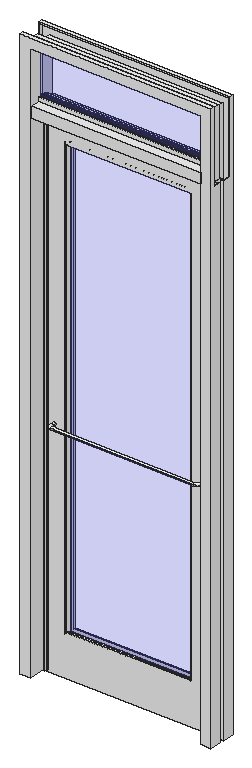
Revit family "Kawneer-350HW_HeavyWall-Sgl_Tran-Fr_14in", category Doors, host Wall, Revit 2015
Parameters
  Water - Static (ASTM E 331) = "product not tested"
  URL = "http://www.kawneer.com/kawneer/north_america/en/product.asp?prod_id=1817"
  Type of Glazing = "monolithic, insulating"
  Type Comments = "Medium Stile Heavy Wall Swing Door"
  Thermal Transmittance = "n/a"
  Sub Category3 = ""
  Sub Category2 = ""
  Sub Category1 = ""
  Sightline = Height - Door Panel Height  # 12"
  Short Description = "Medium Stile Heavy Wall Swing Door"
  Product data url = "https://bimobject.com/kawneerna/product/20611"
  Panel Inserts Material = Glass
  Overall U-Factor = "product not tested"
  Model = "350 Heavy Wall™ Entrances"
  Manufacturer Part Number = "350 Heavy Wall™ Entrances"
  Manufacturer = "Kawneer"
  Keywords = "Entrance, Door, Swing Door, Heavy Wall"
  Hurricane Resistant Tested [instance] = "product not tested"
  Hinging Types = "Offset Pivot, Butt Hinge, Continuous Gear Hinge"
  Height = 96"
  Wall Closure = By host
  Width = 32"
  Glazing Thickness = 0"
  Glass U-Factor = "product not tested"
  Glass Installtion = "outside, inside"
  Glass Capture = "Captured"
  Function (Interior or Exterior) = "Exterior"
  Function = Interior
  Door Panel Width = Width - (1 3/4" * 2)  # 28 1/2"
  Door Panel Material = Aluminum - ASTM B 221 - 6063-T6 alloy and temper
  Door Panel Height = 84"
  Door Opening = Door Panel Width  # 28 1/2"
  Door Handle Height = 37 123/256"
  Door Handle Material = Aluminum - ASTM B 221 - 6063-T6 alloy and temper
  Door Corner Construction = "Welded"
  Design Pressure = "n/a"
  Design Load = "n/a"
  Description = "The \"350 Heavy Wall\" medium stile heavy duty door with increased wall thickness to provide greater durability in heavy traffic areas."
  Depth = 1 3/4"
  Color = "any"
  Cladding Type = "n/a"
  CSI Masterformat Code = "08 41 13"
  Assembly Code = "B2030110"
  Application = "high traffic"
  Air Infiltration (ASTM E 283) = "< 0.50 cfm/ft2  @ 6.24 psf (300 Pa), Single Doors,"
  2-Color Option = "no"
Reference planes
  plane 1 "Centre Wall": y = 0
  plane 2 "Center (Left/Right)": x = 0
  plane 3 "Left": x = -406.4
  plane 4 "Right": x = 406.4
  plane 5: z = 2438.4
  plane 6 "Exterior": y = 75
  plane 7 "Interior": y = -75
  plane 8: x = -361.9
  plane 9: x = 361.9
  plane 10: z = 2133.6
Forms (mm)
  Sweep 1, solid, material "Aluminum - ASTM B 221 - 6063-T6 alloy and temper" <- "Door Panel Material"
    path origin (0, 0, 0) x (1, 0, 0) y (0, 0, 1)
      loop
        line (406.4, 2133.6) -> (406.4, 0)
    profile "TF450Frame : TF450Frame" origin (406.4, 0, 1066.8) x (1, 0, 0) y (0, -1, 0)
      loop
        line (-54.5, -13.375) -> (-44.5, -13.375) -> (-44.5, -57.175) -> (0, -57.175) -> (0, -12.125) -> (-17.25, -12.125) -> (-17.25, 12.125) -> (0, 12.125) -> (0, 57.125) -> (-44.5, 57.125) -> (-44.5, -8.375) -> (-54.5, -8.375) -> (-54.5, -13.375)
      loop
        line (-5, -17.125) -> (-22.25, -17.125) -> (-22.25, 17.125) -> (-5, 17.125) -> (-5, 52.125) -> (-39.5, 52.125) -> (-39.5, -52.175) -> (-5, -52.175) -> (-5, -17.125)
  Sweep 2, solid, material "Aluminum - ASTM B 221 - 6063-T6 alloy and temper" <- "Door Panel Material"
    path origin (0, 0, 0) x (1, 0, 0) y (0, 0, 1)
      loop
        line (-406.4, 2133.6) -> (-406.4, 0)
    profile "TF450Frame : TF450Frame" origin (-406.4, 0, 1066.8) x (1, 0, 0) y (0, -1, 0)
      loop
        line (54.5, -13.375) -> (54.5, -8.375) -> (44.5, -8.375) -> (44.5, 57.125) -> (0, 57.125) -> (0, 12.125) -> (17.25, 12.125) -> (17.25, -12.125) -> (0, -12.125) -> (0, -57.175) -> (44.5, -57.175) -> (44.5, -13.375) -> (54.5, -13.375)
      loop
        line (5, -17.125) -> (5, -52.175) -> (39.5, -52.175) -> (39.5, 52.125) -> (5, 52.125) -> (5, 17.125) -> (22.25, 17.125) -> (22.25, -17.125) -> (5, -17.125)
  Sweep 3, solid, material "Aluminum - ASTM B 221 - 6063-T6 alloy and temper" <- "Door Panel Material"
    path origin (0, 0, 0) x (1, 0, 0) y (0, 0, 1)
      loop
        line (406.4, 2133.6) -> (406.4, 2438.4) -> (-406.4, 2438.4) -> (-406.4, 2133.6)
    profile "TF450TPFrame : TF450TPFrame" origin (0, 0, 2438.4) x (0, 0, -1) y (0, -1, 0)
      loop
        line (39.5, 11) -> (22.25, 11) -> (22.25, -11) -> (39.5, -11) -> (39.5, -52.175) -> (5, -52.175) -> (5, -42.175) -> (0, -42.175) -> (0, -57.175) -> (44.5, -57.175) -> (44.5, -6) -> (27.25, -6) -> (27.25, 6) -> (44.5, 6) -> (44.5, 57.125) -> (0, 57.125) -> (0, 42.125) -> (5, 42.125) -> (5, 52.125) -> (39.5, 52.125) -> (39.5, 11)
  Sweep 4, solid, material "Aluminum - ASTM B 221 - 6063-T6 alloy and temper" <- "Door Panel Material"
    path origin (0, 0, 0) x (1, 0, 0) y (0, 0, 1)
      loop
        line (361.9, 2133.6) -> (-361.9, 2133.6)
    profile "TF450midFrame : TF450midFrame" origin (0, 0, 2133.6) x (0, 0, -1) y (0, -1, 0)
      loop
        line (-39.45, 52.15) -> (-39.45, -52.15) -> (-4.95, -52.15) -> (-4.95, 52.15) -> (-39.45, 52.15)
      loop
        arc (-57.491, -8.796) -> (-59.192, -11.787) -> (-62.423, -12.971) r 5
        line (-62.423, -12.971) -> (-62.423, -14.55) -> (-44.45, -14.55) -> (-44.45, -5.272)
        arc (-44.45, -5.272) -> (-50.757, -7.826) -> (-57.491, -8.796) r 28.226
      loop
        arc (-62.423, 10.971) -> (-59.423, 7.971) -> (-62.423, 4.971) r 3
        line (-62.423, 4.971) -> (-62.423, 3)
        arc (-62.423, 3) -> (-59.206, 4.043) -> (-57.231, 6.788) r 5.429
        arc (-57.231, 6.788) -> (-50.593, 5.7) -> (-44.45, 2.959) r 26.226
        line (-44.45, 2.959) -> (-44.45, -2.959)
        arc (-44.45, -2.959) -> (-50.593, -5.7) -> (-57.231, -6.788) r 26.226
        arc (-57.231, -6.788) -> (-59.206, -4.043) -> (-62.423, -3) r 5.429
        line (-62.423, -3) -> (-62.423, -4.971)
        arc (-62.423, -4.971) -> (-59.423, -7.971) -> (-62.423, -10.971) r 3
        line (-62.423, -10.971) -> (-64.423, -10.971) -> (-64.423, -17.05) -> (-44.45, -17.05) -> (-44.45, -57.15) -> (0.05, -57.15) -> (0.05, -13.35) -> (10.05, -13.35) -> (10.05, -8.35) -> (0.05, -8.35) -> (0.05, 57.15) -> (-44.45, 57.15) -> (-44.45, 17.05) -> (-64.423, 17.05) -> (-64.423, 10.971) -> (-62.423, 10.971)
      loop
        arc (-62.423, 12.971) -> (-59.192, 11.787) -> (-57.491, 8.796) r 5
        arc (-57.491, 8.796) -> (-50.757, 7.826) -> (-44.45, 5.272) r 28.226
        line (-44.45, 5.272) -> (-44.45, 14.55) -> (-62.423, 14.55) -> (-62.423, 12.971)
  Extrusion 5, solid, material "Glass" <- "Panel Inserts Material"
    sketch origin (0, 0, 0) x (0, 1, 0) y (0, 0, 1)
      loop
        line (-6, 2411.15) -> (-6, 2178.05) -> (6, 2178.05) -> (6, 2411.15) -> (-6, 2411.15)
    from -361.9 to 361.9
Cuts and joins
  joined: Sweep 1, Sweep 2, Sweep 3
Lines and regions (mm)
  Opening 1
    outline origin (-3050, -75, 0) x (1, 0, 0) y (0, 0, 1)
      loop
        line (2643.6, 0) -> (3456.4, 0) -> (3456.4, 2438.4) -> (2643.6, 2438.4) -> (2643.6, 0)
  symbolic lines
    curve 1: line (-361.9, 781.075, 0) -> (-317.45, 781.075, 0)
    curve 2: line (-361.9, 57.175, 0) -> (-361.9, 781.075, 0)
    curve 3: line (-317.45, 781.075, 0) -> (-317.45, 57.175, 0)
    curve 4: arc (-317.45, 781.075, 0) -> (168.076, 556, 0) -> (361.9, 57.175, 0) r 715.919
Text (mm)
  text "Exterior" at (-2295.016, 1099.543, 0), in view "Ref. Level"
  text "Exterior" at (0, 1615.38, 3698.081), in view "Left"
  text "Exterior" at (0, 1036.032, 3874.932), in view "Right"
Dimensions and locks
  equal spacing: plane 3 "Left", plane 2 "Center (Left/Right)", plane 4 "Right"
  "Width": plane 3 "Left" to plane 4 "Right"
  "Height": plane 5 to host wall
  host wall to plane 5 = 96"  (x2)
  locked: plane 6 "Exterior" to host wall at 0
  locked: plane 7 "Interior" to host wall
  locked: plane 3 "Left" to plane 8 at 44.5
  locked: plane 9 to plane 4 "Right" at 44.5
  "Door Panel Height": level to plane 10
  "Depth": curve 2 to curve 3
  "Door Panel Width": cut or joined group of Sweep 1, Sweep 2, Sweep 3 to curve 1
  aligned and locked: plane 3 "Left" to Opening 1 sketch curve
  aligned and locked: plane 5 to Opening 1 sketch curve  (x2)
  aligned and locked: Opening 1 sketch curve to plane 4 "Right"
  aligned and locked: Opening 1 sketch curve to level
  aligned and locked: plane 1 "Centre Wall" to host wall
  aligned and locked: plane 4 "Right" to Sweep 1 sketch curve
  aligned and locked: level to Sweep 1 sketch curve
  aligned and locked: plane 3 "Left" to Sweep 2 sketch curve
  aligned and locked: level to Sweep 2 sketch curve
  aligned and locked: nested 1 to plane 2 "Center (Left/Right)"
  aligned and locked: Sweep 4 sketch curve to plane 10
  aligned and locked: plane 10 to Sweep 1 sketch curve
  aligned and locked: plane 10 to Sweep 2 sketch curve
  aligned and locked: Sweep 3 sketch curve to plane 4 "Right"
  aligned and locked: Sweep 3 sketch curve to plane 3 "Left"
  aligned and locked: plane 10 to Sweep 3 sketch curve  (x2)
  aligned and locked: plane 9 to Sweep 4 sketch curve
  aligned and locked: plane 8 to Sweep 4 sketch curve
  aligned and locked: Extrusion 5 sketch curve to Sweep 3  (x2)
  aligned and locked: Sweep 3 to Extrusion 5 sketch curve
  aligned and locked: Extrusion 5 sketch curve to Sweep 4
  aligned and locked: Extrusion 5 to plane 8
  aligned and locked: Extrusion 5 to plane 9
  aligned and locked: nested 1 to cut or joined group of Sweep 1, Sweep 2, Sweep 3
  aligned and locked: cut or joined group of Sweep 1, Sweep 2, Sweep 3 to curve 2
  aligned and locked: cut or joined group of Sweep 1, Sweep 2, Sweep 3 to curve 3
  aligned and locked: curve 1 to curve 4
  aligned and locked: plane 9 to curve 4
Automatic sketch dimensions
  plane 5 to Sweep 3 sketch curve = 0"
  curve 2 to plane 8 = 0"
  plane 8 to curve 4 = 0.31245"
  curve 4 to host wall = 0.70177"
Nested families
  nested 1: "Kawneer-350IR_Impact-Sgl" at (-310.356, 2.117, 0) x (-1, 0, 0) z (0, 0, 1), type "Kawneer-350IR_Impact-Sgl"
    with Width 28 1/2", Door Hangle Width 25", Door Hangle Height 37 123/256"
Definition of nested family "Kawneer-350IR_Impact-Sgl"
  Parameters
    Width = 32"
    Water - static (ASTM E 331) = ""
    URL = "ttp://www.kawneer.com/kawneer/north_america/en/product.asp?prod_id=1823"
    Type of Glazing = "monolithic, insulating"
    Type Comments = "Medium Stile Impact Resistent Swing Door"
    Thermal transmittance = "n/a"
    Sub Category3 = ""
    Sub Category2 = ""
    Sub Category1 = ""
    Short Description = "Medium Stile Impact Resistent Swing Door"
    Performance standards = "ASTM E 330\r\nASTM E 1886-97\r\nDCBCCO PA 201-94\r\nDCBCCO PA 202-94\r\nDCBCCO PA 203-94\r\nSBCCI SSTD 12-99\r\nKawneer Dual Moment Corner"
    Panel Inserts Material = none
    Overall U-Factor = "product not tested"
    Model = "350 IR Entrance"
    Mfr Part Num = "350 IR Entrance"
    Manufacturer = "Kawneer"
    Keywords = "Entrance, Door, Swing Door, Impact Resistent, Hurricane Resistent"
    Hurricane Resistant Tested = "Large missile"
    Hinging Types = "Offset Pivot, Butt Hinge, Continuous Gear Hinge"
    Height = 84"
    Glass capture = "Captured"
    Glass U-Factor = "product not tested"
    Glass Installtion = "outside"
    Function (Interior or Exterior) = "Exterior"
    Door Panel Material = none
    Door Hangle Width = Width - 3 1/2"  # 28 1/2"
    Door Hangle Material = none
    Door Hangle Height = 37"
    Door Corner Construction = "Welded"
    Design load = "97.5 psf (4668 Pa)  - 9/16\" laminate"
    Design Pressure = "65 psf (3112 Pa)  - 9/16\" laminate"
    Description = "The \"350IR\" medium stile heavy duty entrance offers a rugged appearance, features dual moment corner construction and designed to meet the code requirements of windborne debris protection."
    Depth = 1 3/4"
    Construction Type = "Welded"
    Color = "any"
    Cladding Type = "n/a"
    CSI Mastformat Code = "08 41 13"
    Assembly Code = "B2030110"
    Application = "moderate traffic,high traffic"
    Air Infiltration (ASTM E 283) = "< 1.20 cfm/ft2  @ 1.57 psf (300 Pa), Pairs of Doors"
    2-Color Option = "no"
  Reference planes
    plane 1 "Center (Front/Back)": y = -33.483
    plane 2: z = 0
    plane 3 "Center (Left/Right)": x = -310.356
    plane 4: x = -716.756
    plane 5: x = 96.044
    plane 6: y = -11.258
    plane 7: y = -55.708
    plane 8: z = 2133.6
    plane 9: z = 939.8
    plane 10: x = -627.456
    plane 11: x = 6.744
    plane 12: x = 19.244
    plane 13: x = -639.956
    plane 14: z = 2056.8
    plane 15: z = 153
    plane 16: x = -672.106
  Forms (mm)
    Sweep 1, solid
      path origin (0, -33.483, 0) x (1, 0, 0) y (0, 0, 1)
        loop
          line (-716.756, 2133.6) -> (-716.756, 0)
      profile "IR2 : IR2" origin (-716.756, -33.483, 1066.8) x (1, 0, 0) y (0, -1, 0)
        loop
          line (79.3, 6.9) -> (71.8, 6.9) -> (71.8, 16.9) -> (15, 16.9) -> (15, 9) -> (17.5, 6.5) -> (17.5, -6.5) -> (15, -9) -> (15, -16.9) -> (71.8, -16.9) -> (71.8, -6.9) -> (79.3, -6.9) -> (79.3, 6.9)
        loop
          line (84.3, 11.9) -> (76.8, 11.9) -> (76.8, 16.9) -> (89.3, 16.9) -> (89.3, 21.9) -> (0, 21.9) -> (0, 16.9) -> (10, 16.9) -> (10, -16.9) -> (0, -16.9) -> (0, -21.9) -> (89.3, -21.9) -> (89.3, -16.9) -> (76.8, -16.9) -> (76.8, -11.9) -> (84.3, -11.9) -> (84.3, 11.9)
    Sweep 2, solid
      path origin (0, -33.483, 0) x (1, 0, 0) y (0, 0, 1)
        loop
          line (96.044, 2133.6) -> (96.044, 0)
      profile "IR2 : IR2" origin (96.044, -33.483, 1066.8) x (1, 0, 0) y (0, -1, 0)
        loop
          line (-79.3, -6.9) -> (-71.8, -6.9) -> (-71.8, -16.9) -> (-15, -16.9) -> (-15, -9) -> (-17.5, -6.5) -> (-17.5, 6.5) -> (-15, 9) -> (-15, 16.9) -> (-71.8, 16.9) -> (-71.8, 6.9) -> (-79.3, 6.9) -> (-79.3, -6.9)
        loop
          line (-84.3, -11.9) -> (-76.8, -11.9) -> (-76.8, -16.9) -> (-89.3, -16.9) -> (-89.3, -21.9) -> (0, -21.9) -> (0, -16.9) -> (-10, -16.9) -> (-10, 16.9) -> (0, 16.9) -> (0, 21.9) -> (-89.3, 21.9) -> (-89.3, 16.9) -> (-76.8, 16.9) -> (-76.8, 11.9) -> (-84.3, 11.9) -> (-84.3, -11.9)
    Sweep 3, solid
      path origin (0, -33.483, 0) x (1, 0, 0) y (0, 0, 1)
        loop
          line (-627.456, 0) -> (6.744, 0)
      profile "IR3 : IR3" origin (-310.356, -33.483, 0) x (0, 0, 1) y (0, -1, 0)
        loop
          line (155.5, 6.9) -> (148, 6.9) -> (148, 16.9) -> (15, 16.9) -> (15, 9) -> (17.5, 6.5) -> (17.5, -6.5) -> (15, -9) -> (15, -16.9) -> (148, -16.9) -> (148, -6.9) -> (155.5, -6.9) -> (155.5, 6.9)
        loop
          line (160.5, 11.9) -> (153, 11.9) -> (153, 16.9) -> (165.5, 16.9) -> (165.5, 21.9) -> (0, 21.9) -> (0, 16.9) -> (10, 16.9) -> (10, -16.9) -> (0, -16.9) -> (0, -21.9) -> (165.5, -21.9) -> (165.5, -16.9) -> (153, -16.9) -> (153, -11.9) -> (160.5, -11.9) -> (160.5, 11.9)
    Sweep 4, solid
      path origin (0, -33.483, 0) x (1, 0, 0) y (0, 0, 1)
        loop
          line (-627.456, 2133.6) -> (6.744, 2133.6)
      profile "IR2 : IR2" origin (-310.356, -33.483, 2133.6) x (0, 0, 1) y (0, -1, 0)
        loop
          line (-79.3, -6.9) -> (-71.8, -6.9) -> (-71.8, -16.9) -> (-15, -16.9) -> (-15, -9) -> (-17.5, -6.5) -> (-17.5, 6.5) -> (-15, 9) -> (-15, 16.9) -> (-71.8, 16.9) -> (-71.8, 6.9) -> (-79.3, 6.9) -> (-79.3, -6.9)
        loop
          line (-84.3, -11.9) -> (-76.8, -11.9) -> (-76.8, -16.9) -> (-89.3, -16.9) -> (-89.3, -21.9) -> (0, -21.9) -> (0, -16.9) -> (-10, -16.9) -> (-10, 16.9) -> (0, 16.9) -> (0, 21.9) -> (-89.3, 21.9) -> (-89.3, 16.9) -> (-76.8, 16.9) -> (-76.8, 11.9) -> (-84.3, 11.9) -> (-84.3, -11.9)
    Sweep 5, solid
      path origin (0, -33.483, 0) x (1, 0, 0) y (0, 0, 1)
        loop
          line (19.244, 2056.8) -> (-639.956, 2056.8) -> (-639.956, 153) -> (19.244, 153) -> (19.244, 2056.8)
      profile "IRCLADB : IRCLADB" origin (-310.356, -33.483, 2056.8) x (0, 0, -1) y (0, -1, 0)
        loop
          line (9, -6.9) -> (9, 12.9) -> (21.5, 12.9) -> (21.5, 20.9) -> (11.5, 20.9) -> (11.5, 16.9) -> (0, 16.9) -> (0, 11.9) -> (6.5, 11.9) -> (6.5, -11.9) -> (7.5, -11.9) -> (9, -6.9)
    Sweep 6, solid
      path origin (0, -33.483, 0) x (1, 0, 0) y (0, 0, 1)
        loop
          line (19.244, 2056.8) -> (-639.956, 2056.8) -> (-639.956, 153) -> (19.244, 153) -> (19.244, 2056.8)
      profile "IRCLADF : IRCLADF" origin (-310.356, -33.483, 2056.8) x (0, 0, -1) y (0, -1, 0)
        loop
          arc (17.5, -6.902) -> (17.507, -9.489) -> (19.748, -10.78) r 2.591
          line (19.748, -10.78) -> (21.5, -10.78) -> (21.5, -20.902) -> (13.5, -20.902) -> (13.5, -15.902) -> (0, -15.902) -> (0, -16.902) -> (12.5, -16.902) -> (12.5, -21.902) -> (22.5, -21.902) -> (22.5, -6.902) -> (21.5, -6.902) -> (21.5, -9.78) -> (19.748, -9.78)
          arc (19.748, -9.78) -> (18.235, -8.68) -> (18.814, -6.902) r 1.591
          line (18.814, -6.902) -> (17.5, -6.902)
    Extrusion 7, solid, material <- "Panel Inserts Material"
      sketch origin (0, 0, 0) x (1, 0, 0) y (0, 1, 0)
        loop
          line (-630.956, -39.983) -> (10.244, -39.983) -> (10.244, -26.983) -> (-630.956, -26.983) -> (-630.956, -39.983)
      from 162 to 2047.8
  Cuts and joins
    joined: Sweep 1, Sweep 2, Sweep 3, Sweep 4, Sweep 5, Sweep 6
  Dimensions and locks
    equal spacing: plane 4, plane 3 "Center (Left/Right)", plane 5
    equal spacing: plane 6, plane 1 "Center (Front/Back)", plane 7
    "Depth": plane 6 to plane 7
    "Width": plane 4 to plane 5
    "Height": plane 8 to level
    "Door Hangle Height": plane 9 to level
    locked: plane 4 to plane 13 at 76.8
    locked: plane 4 to plane 10 at 89.3
    locked: plane 12 to plane 5 at 76.8
    locked: plane 11 to plane 5 at 89.3
    locked: plane 15 to level at 153
    locked: plane 8 to plane 14 at 76.8
    equal spacing: plane 4, plane 16, plane 10
    aligned and locked: Sweep 1 sketch curve to plane 4
    aligned and locked: plane 8 to Sweep 1 sketch curve
    aligned and locked: level to Sweep 1 sketch curve
    aligned and locked: plane 8 to Sweep 2 sketch curve
    aligned and locked: Sweep 2 sketch curve to plane 5
    aligned and locked: level to Sweep 2 sketch curve
    aligned and locked: Sweep 3 sketch curve to level
    aligned and locked: plane 11 to Sweep 3 sketch curve
    aligned and locked: plane 10 to Sweep 3 sketch curve
    aligned and locked: Sweep 4 sketch curve to plane 8
    aligned and locked: plane 10 to Sweep 4 sketch curve
    aligned and locked: plane 11 to Sweep 4 sketch curve
    aligned and locked: Sweep 5 sketch curve to plane 14
    aligned and locked: Sweep 5 sketch curve to plane 13
    aligned and locked: Sweep 5 sketch curve to plane 15
    aligned and locked: Sweep 5 sketch curve to plane 12
    aligned and locked: Sweep 6 sketch curve to plane 14
    aligned and locked: Sweep 6 sketch curve to plane 13
    aligned and locked: Sweep 6 sketch curve to plane 12
    aligned and locked: Sweep 6 sketch curve to plane 15
    aligned and locked: cut or joined group of Sweep 1, Sweep 2, Sweep 3, Sweep 4, Sweep 5, Sweep 6 to Extrusion 7 sketch curve  (x2)
    aligned and locked: Extrusion 7 sketch curve to cut or joined group of Sweep 1, Sweep 2, Sweep 3, Sweep 4, Sweep 5, Sweep 6  (x2)
    aligned and locked: Extrusion 7 to cut or joined group of Sweep 1, Sweep 2, Sweep 3, Sweep 4, Sweep 5, Sweep 6  (x2)
    aligned and locked: nested 1 to plane 3 "Center (Left/Right)"
    aligned and locked: plane 16 to nested 2
    aligned and locked: nested 1 to plane 6
    aligned and locked: plane 9 to nested 2
    aligned and locked: nested 1 to plane 9
  Nested families
    nested 1: "Style CP II Push Bar" at (-260.356, -11.258, 939.8), type "Style CP II Push Bar"
      with Width 28 1/2"
    nested 2: "Style CO 9 Pull" at (-710.141, -55.708, 711.2), type "Style CO 9 Pull"
  Definition of nested family "Style CP II Push Bar"
    Parameters
      Width = 28"
      Hangle Material = none
      Depth = 1.1811"
    Reference planes
      plane 1 "Center (Front/Back)": y = 0
      plane 2: z = 0
      plane 3 "Center (Left/Right)": x = -50
      plane 4: x = -405.6
      plane 5: x = 305.6
      plane 6: y = -30
      plane 7: z = 0
    Forms (mm)
      Sweep 1, solid, material <- "Hangle Material"
        path origin (0, 0, 0) x (1, 0, 0) y (0, 1, 0)
          loop
            line (-405.6, 0) -> (-405.6, -15)
            arc (-405.6, -15) -> (-401.207, -25.607) -> (-390.6, -30) r 15
            line (-390.6, -30) -> (290.6, -30)
            arc (290.6, -30) -> (301.207, -25.607) -> (305.6, -15) r 15
            line (305.6, -15) -> (305.6, 0)
        profile origin (-50, -30, 0) x (0, 1, 0) y (0, 0, 1)
          loop
            circle (0, 0) r 5
    Dimensions and locks
      "Depth": plane 6 to plane 1 "Center (Front/Back)"
      equal spacing: plane 4, plane 3 "Center (Left/Right)", plane 5
      "Width": plane 4 to plane 5
      aligned and locked: Sweep 1 sketch curve to plane 5
      aligned and locked: plane 1 "Center (Front/Back)" to Sweep 1 sketch curve  (x2)
      aligned and locked: Sweep 1 sketch curve to plane 4
      aligned and locked: level to plane 7
    Automatic sketch dimensions
      Sweep 1 sketch curve to level = 0"
      Sweep 1 sketch curve to profile plane = 0"
      Sweep 1 sketch curve to plane 6 = 0"
      plane 4 to Sweep 1 sketch curve = 0.59055"
      plane 1 "Center (Front/Back)" to Sweep 1 sketch curve = 0.59055"
      radius of Sweep 1 sketch curve = 0.19685"
  Definition of nested family "Style CO 9 Pull"
    Parameters
      Width = 1.1811"
      Height = 9"
      Hangle Material = none
      Depth = 1.1811"
    Reference planes
      plane 1 "Center (Front/Back)": y = 0
      plane 2: z = 0
      plane 3 "Center (Left/Right)": x = 53.034
      plane 4: y = -30
      plane 5: x = 38.034
      plane 6: x = 68.034
      plane 7: x = 46.034
      plane 8 "Top": z = 228.6
      plane 9: x = 60.034
      plane 10: z = 220.6
      plane 11: z = 8
    Forms (mm)
      Sweep 1, solid, material <- "Hangle Material"
        path origin (0, 0, 0) x (1, 0, 0) y (0, 1, 0)
          loop
            line (38.034, 0) -> (38.034, -23)
            arc (38.034, -23) -> (40.085, -27.95) -> (45.034, -30) r 7
            line (45.034, -30) -> (60.034, -30)
        profile origin (38.034, -11.5, 0) x (1, 0, 0) y (0, 0, 1)
          loop
            circle (0, 0) r 5
      Sweep 2, solid, material <- "Hangle Material"
        path origin (0, 0, 228.6) x (-1, 0, 0) y (0, -1, 0)
          loop
            line (-38.034, 0) -> (-38.034, 23)
            arc (-38.034, 23) -> (-40.085, 27.95) -> (-45.034, 30) r 7
            line (-45.034, 30) -> (-60.034, 30)
        profile origin (38.034, -11.5, 228.6) x (1, 0, 0) y (0, 0, 1)
          loop
            circle (0, 0) r 5
      Sweep 3, solid, material <- "Hangle Material"
        path origin (-1540.712, -30, 1200) x (-1, 0, 0) y (0, 0, 1)
          loop
            arc (-1600.747, -1200) -> (-1606.404, -1197.657) -> (-1608.747, -1192) r 8
            line (-1608.747, -1192) -> (-1608.747, -979.4)
            arc (-1608.747, -979.4) -> (-1606.404, -973.743) -> (-1600.747, -971.4) r 8
        profile origin (68.034, -30, 114.3) x (1, 0, 0) y (0, 1, 0)
          loop
            circle (0, 0) r 5
    Cuts and joins
      joined: Sweep 1, Sweep 2, Sweep 3
    Dimensions and locks
      "Depth": plane 4 to plane 1 "Center (Front/Back)"
      equal spacing: plane 5, plane 3 "Center (Left/Right)", plane 6
      locked: plane 5 to plane 7 at 8
      "Width": plane 5 to plane 6
      "Height": plane 8 "Top" to level
      locked: plane 9 to plane 6 at 8
      locked: level to plane 11 at 8
      locked: plane 10 to plane 8 "Top" at 8
      aligned and locked: Sweep 1 sketch curve to plane 5
      aligned and locked: Sweep 1 sketch curve to plane 4
      aligned and locked: plane 1 "Center (Front/Back)" to Sweep 1 sketch curve
      aligned and locked: plane 9 to Sweep 1 sketch curve
      aligned and locked: Sweep 2 sketch curve to plane 5
      aligned and locked: Sweep 2 sketch curve to plane 4
      aligned and locked: plane 1 "Center (Front/Back)" to Sweep 2 sketch curve
      aligned and locked: plane 9 to Sweep 2 sketch curve
      aligned and locked: plane 6 to Sweep 3 sketch curve  (x2)
      aligned and locked: plane 10 to Sweep 3 sketch curve
      aligned and locked: plane 11 to Sweep 3 sketch curve
      aligned and locked: plane 9 to Sweep 3 sketch curve  (x2)
      aligned and locked: plane 8 "Top" to Sweep 3 sketch curve
      aligned and locked: level to Sweep 3 sketch curve
      aligned and locked: plane 4 to Sweep 3 sketch curve
    Automatic sketch dimensions
      Sweep 1 sketch curve to plane 7 = 0.03937"
      Sweep 1 sketch curve to level = 0"
      Sweep 1 sketch curve to profile plane = 0"
      Sweep 2 sketch curve to plane 7 = 0.03937"
      Sweep 2 sketch curve to plane 8 "Top" = 0"
      Sweep 2 sketch curve to profile plane = 0"
      radius of Sweep 1 sketch curve = 0.19685"
      radius of Sweep 2 sketch curve = 0.19685"
      radius of Sweep 3 sketch curve = 0.19685"
